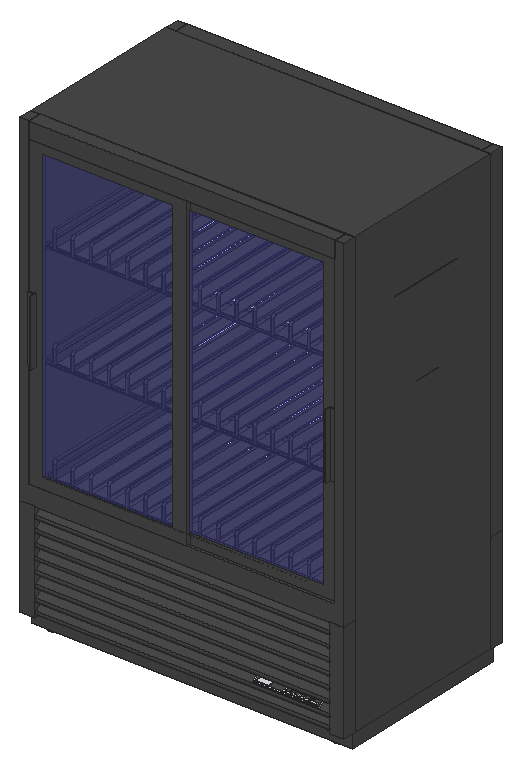
Revit family "QF_TRUE_GDM-33CPT-54-HC-LD", category Specialty Equipment, Revit 2016 (continued)
Definition of nested family "GDM-33CPT-54-HC-LD"
  Forms (in)
    Sweep 78, solid, material <- "Materials and Finishes"
      path origin (15.82399, 0.875, 27.17288) x (0, 1, 0) y (0, 0, 1)
        loop
          arc (-22.85067, 16.24933) -> (-22.77745, 16.4261) -> (-22.60067, 16.49933) r 0.25
          line (-22.60067, 16.49933) -> (-3.21183, 16.49933)
          arc (-3.21183, 16.49933) -> (-3.03505, 16.4261) -> (-2.96183, 16.24933) r 0.25
          line (-2.96183, 16.24933) -> (-2.96183, 14.3535)
      profile origin (15.82399, -21.97567, 42.4743) x (0, -1, 0) y (1, 0, 0)
        loop
          circle (0, 0) r 0.125
    Sweep 79, solid, material <- "Materials and Finishes"
      path origin (13.60524, 0.875, 27.17288) x (0, 1, 0) y (0, 0, 1)
        loop
          line (-22.85067, 14.3535) -> (-22.85067, 16.24933)
          arc (-22.85067, 16.24933) -> (-22.77745, 16.4261) -> (-22.60067, 16.49933) r 0.25
          line (-22.60067, 16.49933) -> (-3.21183, 16.49933)
          arc (-3.21183, 16.49933) -> (-3.03505, 16.4261) -> (-2.96183, 16.24933) r 0.25
          line (-2.96183, 16.24933) -> (-2.96183, 14.3535)
      profile origin (13.60524, -21.97567, 42.4743) x (0, -1, 0) y (1, 0, 0)
        loop
          circle (0, 0) r 0.125
    Sweep 80, solid, material <- "Materials and Finishes"
      path origin (11.38649, 0.875, 27.17288) x (0, 1, 0) y (0, 0, 1)
        loop
          line (-22.85067, 14.3535) -> (-22.85067, 16.24933)
          arc (-22.85067, 16.24933) -> (-22.77745, 16.4261) -> (-22.60067, 16.49933) r 0.25
          line (-22.60067, 16.49933) -> (-3.21183, 16.49933)
          arc (-3.21183, 16.49933) -> (-3.03505, 16.4261) -> (-2.96183, 16.24933) r 0.25
          line (-2.96183, 16.24933) -> (-2.96183, 14.3535)
      profile origin (11.38649, -21.97567, 42.4743) x (0, -1, 0) y (1, 0, 0)
        loop
          circle (0, 0) r 0.125
    Sweep 81, solid, material <- "Materials and Finishes"
      path origin (9.16774, 0.875, 27.17288) x (0, 1, 0) y (0, 0, 1)
        loop
          line (-22.85067, 14.3535) -> (-22.85067, 16.24933)
          arc (-22.85067, 16.24933) -> (-22.77745, 16.4261) -> (-22.60067, 16.49933) r 0.25
          line (-22.60067, 16.49933) -> (-3.21183, 16.49933)
          arc (-3.21183, 16.49933) -> (-3.03505, 16.4261) -> (-2.96183, 16.24933) r 0.25
          line (-2.96183, 16.24933) -> (-2.96183, 14.3535)
      profile origin (9.16774, -21.97567, 42.4743) x (0, -1, 0) y (1, 0, 0)
        loop
          circle (0, 0) r 0.125
    Sweep 82, solid, material <- "Materials and Finishes"
      path origin (6.94899, 0.875, 27.17288) x (0, 1, 0) y (0, 0, 1)
        loop
          line (-22.85067, 14.3535) -> (-22.85067, 16.24933)
          arc (-22.85067, 16.24933) -> (-22.77745, 16.4261) -> (-22.60067, 16.49933) r 0.25
          line (-22.60067, 16.49933) -> (-3.21183, 16.49933)
          arc (-3.21183, 16.49933) -> (-3.03505, 16.4261) -> (-2.96183, 16.24933) r 0.25
          line (-2.96183, 16.24933) -> (-2.96183, 14.3535)
      profile origin (6.94899, -21.97567, 42.4743) x (0, -1, 0) y (1, 0, 0)
        loop
          circle (0, 0) r 0.125
    Sweep 83, solid, material <- "Materials and Finishes"
      path origin (4.73024, 0.875, 27.17288) x (0, 1, 0) y (0, 0, 1)
        loop
          line (-22.85067, 14.3535) -> (-22.85067, 16.24933)
          arc (-22.85067, 16.24933) -> (-22.77745, 16.4261) -> (-22.60067, 16.49933) r 0.25
          line (-22.60067, 16.49933) -> (-3.21183, 16.49933)
          arc (-3.21183, 16.49933) -> (-3.03505, 16.4261) -> (-2.96183, 16.24933) r 0.25
          line (-2.96183, 16.24933) -> (-2.96183, 14.3535)
      profile origin (4.73024, -21.97567, 42.4743) x (0, -1, 0) y (1, 0, 0)
        loop
          circle (0, 0) r 0.125
    Sweep 84, solid, material <- "Materials and Finishes"
      path origin (2.51149, 0.875, 27.17288) x (0, 1, 0) y (0, 0, 1)
        loop
          line (-22.85067, 14.3535) -> (-22.85067, 16.24933)
          arc (-22.85067, 16.24933) -> (-22.77745, 16.4261) -> (-22.60067, 16.49933) r 0.25
          line (-22.60067, 16.49933) -> (-3.21183, 16.49933)
          arc (-3.21183, 16.49933) -> (-3.03505, 16.4261) -> (-2.96183, 16.24933) r 0.25
          line (-2.96183, 16.24933) -> (-2.96183, 14.3535)
      profile origin (2.51149, -21.97567, 42.4743) x (0, -1, 0) y (1, 0, 0)
        loop
          circle (0, 0) r 0.125
  Lines and regions (in)
    symbolic lines
      curve 1: line (0, 0, 0) -> (39.5, 0, 0)
      curve 2: line (0, -24.0625, 0) -> (0, 0, 0)
      curve 3: line (39.5, -24.0625, 0) -> (0, -24.0625, 0)
      curve 4: line (39.5, 0, 0) -> (39.5, -24.0625, 0)
      curve 5: line (1.08719, -24.1875, 0) -> (1.08719, -24.0625, 0)
      curve 6: line (1.08719, -24.1875, 0) -> (1.83719, -24.1875, 0)
      curve 7: line (1.83719, -24.1875, 0) -> (1.83719, -24.875, 0)
      curve 8: line (1.83719, -24.875, 0) -> (1.96219, -24.875, 0)
      curve 9: line (1.96219, -24.875, 0) -> (1.96219, -24.0625, 0)
      curve 10: line (37.66281, -24.50681, 0) -> (37.53781, -24.50681, 0)
      curve 11: line (37.53781, -24.50681, 0) -> (37.53781, -24.0625, 0)
      curve 12: line (37.66281, -24.50681, 0) -> (37.66281, -24.0625, 0)
      curve 13: line (37.53781, 0.8125, 0) -> (37.53781, 0, 0)
      curve 14: line (37.53781, 0.8125, 0) -> (37.66281, 0.8125, 0)
      curve 15: line (37.66281, 0.8125, 0) -> (37.66281, 0.125, 0)
      curve 16: line (37.66281, 0.125, 0) -> (38.41281, 0.125, 0)
      curve 17: line (38.41281, 0.125, 0) -> (38.41281, 0, 0)
      curve 18: line (1.83719, 0.44431, 0) -> (1.83719, 0, 0)
      curve 19: line (1.83719, 0.44431, 0) -> (1.96219, 0.44431, 0)
      curve 20: line (1.96219, 0.44431, 0) -> (1.96219, 0, 0)
  Dimensions and locks (in)
    equal spacing: plane 3 "LEFT", plane 7 "Center Y", plane 4 "RIGHT"
    "Length": plane 3 "LEFT" to plane 4 "RIGHT"
    equal spacing: plane 5 "FRONT", plane 8 "Center X", plane 1 "BACK"
    "Depth": plane 5 "FRONT" to plane 1 "BACK"
    "Height": plane 6 "TOP" to level
    plane 5 "FRONT" to plane 1 "BACK" = 24 1/16"
    plane 4 "RIGHT" to plane 3 "LEFT" = 39 1/2"
    plane 9 to plane 2 = 5/16"
    aligned and locked: plane 2 to level
  Automatic sketch dimensions
    curve 3 to plane 3 "LEFT" = 0"
    plane 5 "FRONT" to curve 5 = 0"
    plane 1 "BACK" to curve 18 = 0"
    plane 11 to curve 8 = 0"
    plane 10 to curve 14 = 0"
    curve 3 to plane 4 "RIGHT" = 0"
    plane 5 "FRONT" to curve 6 = 1/8"
    plane 3 "LEFT" to curve 6 = 1.08719"
    plane 10 to curve 19 = 0.36819"
    plane 3 "LEFT" to curve 19 = 1.83719"
    curve 5 to curve 8 = 3/4"
    curve 7 to curve 8 = 1/8"
    curve 18 to curve 19 = 1/8"
    curve 10 to plane 11 = 0.36819"
    plane 4 "RIGHT" to curve 10 = 1.96219"
    plane 4 "RIGHT" to curve 14 = 1.96219"
    curve 13 to curve 14 = 1/8"
    curve 10 to curve 12 = 1/8"
    curve 16 to plane 1 "BACK" = 1/8"
    curve 15 to curve 16 = 3/4"
    Extrusion 1 sketch curve to plane 3 "LEFT" = 0"
    plane 4 "RIGHT" to Extrusion 1 sketch curve = 0"
    Extrusion 1 sketch curve to plane 6 "TOP" = 0"
    plane 3 "LEFT" to Extrusion 1 sketch curve = 1.08719"
    plane 4 "RIGHT" to Extrusion 1 sketch curve = 1.08719"
    Extrusion 1 sketch curve to plane 6 "TOP" = 2"
    plane 9 to Extrusion 1 sketch curve = 1.59931"
    Extrusion 2 sketch curve to plane 9 = 0"
    plane 4 "RIGHT" to Extrusion 2 sketch curve = 0"
    plane 3 "LEFT" to Extrusion 2 sketch curve = 0.39673"
    plane 9 to Extrusion 2 sketch curve = 1.59931"
    Extrusion 3 sketch curve to plane 3 "LEFT" = 0"
    plane 4 "RIGHT" to Extrusion 3 sketch curve = 0"
    plane 3 "LEFT" to Extrusion 3 sketch curve = 1.73646"
    Extrusion 3 sketch curve to Extrusion 3 sketch curve = 1.73646"
    plane 9 to Extrusion 3 sketch curve = 1.59931"  (x2)
    Revolve 5 sketch curve to plane 9 = 0"  (x2)
    Revolve 5 sketch curve to level = 0"
    plane 3 "LEFT" to Revolve 5 sketch curve = 1.38444"
    Revolve 5 sketch curve to Revolve 5 sketch curve = 0.94219"
    Revolve 5 sketch curve to Revolve 5 sketch curve = 0"
    plane 9 to Revolve 5 sketch curve = 1/2"
    plane 4 "RIGHT" to Extrusion 6 sketch curve = 0"
    Extrusion 6 sketch curve to plane 6 "TOP" = 0"  (x2)
    Extrusion 6 sketch curve to plane 3 "LEFT" = 0"
    plane 4 "RIGHT" to Extrusion 6 sketch curve = 1.08719"
    Extrusion 6 sketch curve to Extrusion 6 sketch curve = 1.08719"
    plane 7 "Center Y" to Extrusion 7 sketch curve = 5/8"
    Extrusion 7 sketch curve to plane 7 "Center Y" = 1 1/8"
    plane 3 "LEFT" to Extrusion 7 sketch curve = 2.71064"
    plane 3 "LEFT" to Extrusion 7 sketch curve = 1.08719"
    Extrusion 7 sketch curve to plane 6 "TOP" = 2"
    Extrusion 7 sketch curve to Extrusion 7 sketch curve = 1 1/8"
    Revolve 8 sketch curve to plane 9 = 0"  (x2)
    Revolve 8 sketch curve to level = 0"
    plane 4 "RIGHT" to Revolve 8 sketch curve = 1.38444"
    Revolve 8 sketch curve to Revolve 8 sketch curve = 0.94219"
    Revolve 8 sketch curve to Revolve 8 sketch curve = 0"
    plane 9 to Revolve 8 sketch curve = 1/2"
    plane 4 "RIGHT" to Extrusion 9 sketch curve = 1.08719"
    Extrusion 9 sketch curve to Extrusion 9 sketch curve = 1.62345"
    plane 7 "Center Y" to Extrusion 9 sketch curve = 5/8"
    Extrusion 9 sketch curve to plane 7 "Center Y" = 1 1/8"
    Extrusion 9 sketch curve to plane 6 "TOP" = 3 1/8"
    Extrusion 9 sketch curve to Extrusion 9 sketch curve = 1 1/8"
    Extrusion 10 sketch curve to Extrusion 6 = 0"  (x3)
    Extrusion 10 sketch curve to Extrusion 6 = 2"
    plane 3 "LEFT" to Extrusion 11 sketch curve = 1.83719"
    Extrusion 11 sketch curve to Extrusion 11 sketch curve = 3/4"
    Extrusion 12 sketch curve to Extrusion 11 = 0"  (x2)
    Extrusion 11 to Extrusion 12 sketch curve = 0"
    Extrusion 11 to Extrusion 12 sketch curve = 0.16161"
    Extrusion 11 to Extrusion 12 sketch curve = 41/256"
    Extrusion 12 sketch curve to Extrusion 11 = 0.52589"
    plane 4 "RIGHT" to Extrusion 13 sketch curve = 1.83719"
    Extrusion 13 sketch curve to Extrusion 13 sketch curve = 3/4"
    Extrusion 14 sketch curve to Extrusion 13 = 0"  (x3)
    Extrusion 13 to Extrusion 14 sketch curve = 0.16161"
    Extrusion 13 to Extrusion 14 sketch curve = 41/256"
    Extrusion 14 sketch curve to Extrusion 13 = 0.52589"
    Extrusion 15 sketch curve to plane 3 "LEFT" = 0"
    plane 4 "RIGHT" to Extrusion 15 sketch curve = 0"
    plane 3 "LEFT" to Extrusion 15 sketch curve = 1.73646"
    Extrusion 15 sketch curve to Extrusion 15 sketch curve = 1.73646"
    plane 9 to Extrusion 15 sketch curve = 1.59931"  (x2)
    Revolve 16 sketch curve to plane 9 = 0"  (x2)
    Revolve 16 sketch curve to level = 0"
    plane 3 "LEFT" to Revolve 16 sketch curve = 1.38444"
    Revolve 16 sketch curve to Revolve 16 sketch curve = 0.94219"
    Revolve 16 sketch curve to Revolve 16 sketch curve = 0"
    plane 9 to Revolve 16 sketch curve = 1/2"
    Revolve 17 sketch curve to plane 9 = 0"  (x2)
    Revolve 17 sketch curve to level = 0"
    plane 4 "RIGHT" to Revolve 17 sketch curve = 1.38444"
    Revolve 17 sketch curve to Revolve 17 sketch curve = 0.94219"
    Revolve 17 sketch curve to Revolve 17 sketch curve = 0"
    plane 9 to Revolve 17 sketch curve = 1/2"
    plane 4 "RIGHT" to Extrusion 18 sketch curve = 0"
    Extrusion 18 sketch curve to plane 6 "TOP" = 0"  (x2)
    Extrusion 18 sketch curve to plane 3 "LEFT" = 0"
    plane 4 "RIGHT" to Extrusion 18 sketch curve = 1.08719"
    Extrusion 18 sketch curve to Extrusion 18 sketch curve = 1.08719"
    Extrusion 19 sketch curve to Extrusion 18 = 0"  (x3)
    Extrusion 19 sketch curve to Extrusion 18 = 2"
    plane 7 "Center Y" to Extrusion 20 sketch curve = 5/8"
    Extrusion 20 sketch curve to plane 7 "Center Y" = 1 1/8"
    plane 3 "LEFT" to Extrusion 20 sketch curve = 2.71064"
    plane 3 "LEFT" to Extrusion 20 sketch curve = 1.08719"
    Extrusion 20 sketch curve to plane 6 "TOP" = 2"
    Extrusion 20 sketch curve to Extrusion 20 sketch curve = 1 1/8"
    plane 4 "RIGHT" to Extrusion 21 sketch curve = 1.08719"
    Extrusion 21 sketch curve to Extrusion 21 sketch curve = 1.62345"
    plane 7 "Center Y" to Extrusion 21 sketch curve = 5/8"
    Extrusion 21 sketch curve to plane 7 "Center Y" = 1 1/8"
    Extrusion 21 sketch curve to plane 6 "TOP" = 3 1/8"
    Extrusion 21 sketch curve to Extrusion 21 sketch curve = 1 1/8"
    plane 4 "RIGHT" to Extrusion 22 sketch curve = 1.83719"
    Extrusion 22 sketch curve to Extrusion 22 sketch curve = 3/4"
    Extrusion 23 sketch curve to plane 1 "BACK" = 0"
    Extrusion 23 sketch curve to plane 10 = 0"
    Extrusion 23 sketch curve to Extrusion 23 sketch curve = 0.16161"
    plane 10 to Extrusion 23 sketch curve = 41/256"
    plane 3 "LEFT" to Extrusion 24 sketch curve = 1.83719"
    Extrusion 24 sketch curve to Extrusion 24 sketch curve = 3/4"
    Extrusion 25 sketch curve to Extrusion 24 = 0"  (x3)
    Extrusion 24 to Extrusion 25 sketch curve = 0.16161"
    Extrusion 24 to Extrusion 25 sketch curve = 41/256"
    Extrusion 25 sketch curve to Extrusion 24 = 0.52589"
    Extrusion 7 to Extrusion 26 sketch curve = 0"
    Extrusion 26 sketch curve to Extrusion 7 = 0"  (x3)
    Extrusion 9 to Extrusion 27 sketch curve = 0"
    Extrusion 27 sketch curve to Extrusion 9 = 0"  (x3)
    Extrusion 28 sketch curve to Extrusion 21 = 0"  (x3)
    Extrusion 21 to Extrusion 28 sketch curve = 0"
    Extrusion 29 sketch curve to Extrusion 20 = 0"  (x3)
    Extrusion 20 to Extrusion 29 sketch curve = 0"
    plane 3 "LEFT" to Extrusion 30 sketch curve = 3.55234"
    plane 1 "BACK" to Extrusion 30 sketch curve = 3.6158"
    plane 3 "LEFT" to Sweep 31 sketch curve = 1 7/32"
    Sweep 31 sketch curve to Sweep 31 sketch curve = 0.4372"  (x3)
    plane 4 "RIGHT" to Sweep 31 sketch curve = 1.65595"  (x2)
    Sweep 31 sketch curve to plane 5 "FRONT" = 2.08426"
    plane 1 "BACK" to Sweep 31 sketch curve = 2.52146"
    Sweep 31 sketch curve to profile plane = 0"  (x2)
    Sweep 32 sketch curve to plane 5 "FRONT" = 2.08683"
    Sweep 32 sketch curve to Sweep 32 sketch curve = 1/4"  (x2)
    plane 1 "BACK" to Sweep 32 sketch curve = 2.33683"
    Sweep 32 sketch curve to profile plane = 0"  (x2)
    plane 3 "LEFT" to Extrusion 33 sketch curve = 2.83566"
    Extrusion 33 sketch curve to Extrusion 33 sketch curve = 1 1/2"  (x15)
    Extrusion 33 sketch curve to Extrusion 33 sketch curve = 23/32"  (x15)
    plane 7 "Center Y" to Extrusion 33 sketch curve = 0.11691"
    Extrusion 33 sketch curve to Extrusion 33 sketch curve = 1/8"  (x16)
    Sweep 34 sketch curve to plane 5 "FRONT" = 2.08683"
    Sweep 34 sketch curve to Sweep 34 sketch curve = 1/4"  (x2)
    plane 1 "BACK" to Sweep 34 sketch curve = 2.33683"
    Sweep 34 sketch curve to profile plane = 0"  (x2)
    Sweep 35 sketch curve to plane 5 "FRONT" = 2.08683"
    Sweep 35 sketch curve to Sweep 35 sketch curve = 1/4"  (x2)
    plane 1 "BACK" to Sweep 35 sketch curve = 2.33683"
    Sweep 35 sketch curve to profile plane = 0"  (x2)
    Sweep 36 sketch curve to plane 5 "FRONT" = 2.08683"
    Sweep 36 sketch curve to Sweep 36 sketch curve = 1/4"  (x2)
    plane 1 "BACK" to Sweep 36 sketch curve = 2.33683"
    Sweep 36 sketch curve to profile plane = 0"  (x2)
    Sweep 37 sketch curve to plane 5 "FRONT" = 2.08683"
    Sweep 37 sketch curve to Sweep 37 sketch curve = 1/4"  (x2)
    plane 1 "BACK" to Sweep 37 sketch curve = 2.33683"
    Sweep 37 sketch curve to profile plane = 0"  (x2)
    Sweep 38 sketch curve to plane 5 "FRONT" = 2.08683"
    Sweep 38 sketch curve to Sweep 38 sketch curve = 1/4"  (x2)
    plane 1 "BACK" to Sweep 38 sketch curve = 2.33683"
    Sweep 38 sketch curve to profile plane = 0"  (x2)
    Sweep 39 sketch curve to plane 5 "FRONT" = 2.08683"
    Sweep 39 sketch curve to Sweep 39 sketch curve = 1/4"  (x2)
    plane 1 "BACK" to Sweep 39 sketch curve = 2.33683"
    Sweep 39 sketch curve to profile plane = 0"  (x2)
    Sweep 40 sketch curve to plane 5 "FRONT" = 2.08683"
    Sweep 40 sketch curve to Sweep 40 sketch curve = 1/4"  (x2)
    plane 1 "BACK" to Sweep 40 sketch curve = 2.33683"
    Sweep 40 sketch curve to profile plane = 0"  (x2)
    Sweep 41 sketch curve to plane 5 "FRONT" = 2.08683"
    Sweep 41 sketch curve to Sweep 41 sketch curve = 1/4"  (x2)
    plane 1 "BACK" to Sweep 41 sketch curve = 2.33683"
    Sweep 41 sketch curve to profile plane = 0"  (x2)
    Sweep 42 sketch curve to plane 5 "FRONT" = 2.08683"
    Sweep 42 sketch curve to Sweep 42 sketch curve = 1/4"  (x2)
    plane 1 "BACK" to Sweep 42 sketch curve = 2.33683"
    Sweep 42 sketch curve to profile plane = 0"  (x2)
    Sweep 43 sketch curve to plane 5 "FRONT" = 2.08683"
    Sweep 43 sketch curve to Sweep 43 sketch curve = 1/4"  (x2)
    plane 1 "BACK" to Sweep 43 sketch curve = 2.33683"
    Sweep 43 sketch curve to profile plane = 0"  (x2)
    Sweep 44 sketch curve to plane 5 "FRONT" = 2.08683"
    Sweep 44 sketch curve to Sweep 44 sketch curve = 1/4"  (x2)
    plane 1 "BACK" to Sweep 44 sketch curve = 2.33683"
    Sweep 44 sketch curve to profile plane = 0"  (x2)
    Sweep 45 sketch curve to plane 5 "FRONT" = 2.08683"
    Sweep 45 sketch curve to Sweep 45 sketch curve = 1/4"  (x2)
    plane 1 "BACK" to Sweep 45 sketch curve = 2.33683"
    Sweep 45 sketch curve to profile plane = 0"  (x2)
    Sweep 46 sketch curve to plane 5 "FRONT" = 2.08683"
    Sweep 46 sketch curve to Sweep 46 sketch curve = 1/4"  (x2)
    plane 1 "BACK" to Sweep 46 sketch curve = 2.33683"
    Sweep 46 sketch curve to profile plane = 0"  (x2)
    Sweep 47 sketch curve to plane 5 "FRONT" = 2.08683"
    Sweep 47 sketch curve to Sweep 47 sketch curve = 1/4"  (x2)
    plane 1 "BACK" to Sweep 47 sketch curve = 2.33683"
    Sweep 47 sketch curve to profile plane = 0"  (x2)
    Sweep 48 sketch curve to plane 5 "FRONT" = 2.08683"
    Sweep 48 sketch curve to Sweep 48 sketch curve = 1/4"  (x2)
    plane 1 "BACK" to Sweep 48 sketch curve = 2.33683"
    Sweep 48 sketch curve to profile plane = 0"  (x2)
    plane 3 "LEFT" to Sweep 49 sketch curve = 1 7/32"
    Sweep 49 sketch curve to Sweep 49 sketch curve = 0.4372"  (x3)
    plane 4 "RIGHT" to Sweep 49 sketch curve = 1.65595"  (x2)
    Sweep 49 sketch curve to plane 5 "FRONT" = 2.08426"
    plane 1 "BACK" to Sweep 49 sketch curve = 2.52146"
    Sweep 49 sketch curve to profile plane = 0"  (x2)
    Sweep 50 sketch curve to plane 5 "FRONT" = 2.08683"
    Sweep 50 sketch curve to Sweep 50 sketch curve = 1/4"  (x2)
    plane 1 "BACK" to Sweep 50 sketch curve = 2.33683"
    Sweep 50 sketch curve to profile plane = 0"  (x2)
    plane 3 "LEFT" to Extrusion 51 sketch curve = 2.83566"
    Extrusion 51 sketch curve to Extrusion 51 sketch curve = 1 1/2"  (x15)
    Extrusion 51 sketch curve to Extrusion 51 sketch curve = 23/32"  (x15)
    plane 7 "Center Y" to Extrusion 51 sketch curve = 0.11691"
    Extrusion 51 sketch curve to Extrusion 51 sketch curve = 1/8"  (x16)
    Sweep 52 sketch curve to plane 5 "FRONT" = 2.08683"
    Sweep 52 sketch curve to Sweep 52 sketch curve = 1/4"  (x2)
    plane 1 "BACK" to Sweep 52 sketch curve = 2.33683"
    Sweep 52 sketch curve to profile plane = 0"  (x2)
    Sweep 53 sketch curve to plane 5 "FRONT" = 2.08683"
    Sweep 53 sketch curve to Sweep 53 sketch curve = 1/4"  (x2)
    plane 1 "BACK" to Sweep 53 sketch curve = 2.33683"
    Sweep 53 sketch curve to profile plane = 0"  (x2)
    Sweep 54 sketch curve to plane 5 "FRONT" = 2.08683"
    Sweep 54 sketch curve to Sweep 54 sketch curve = 1/4"  (x2)
    plane 1 "BACK" to Sweep 54 sketch curve = 2.33683"
    Sweep 54 sketch curve to profile plane = 0"  (x2)
    Sweep 55 sketch curve to plane 5 "FRONT" = 2.08683"
    Sweep 55 sketch curve to Sweep 55 sketch curve = 1/4"  (x2)
    plane 1 "BACK" to Sweep 55 sketch curve = 2.33683"
    Sweep 55 sketch curve to profile plane = 0"  (x2)
    Sweep 56 sketch curve to plane 5 "FRONT" = 2.08683"
    Sweep 56 sketch curve to Sweep 56 sketch curve = 1/4"  (x2)
    plane 1 "BACK" to Sweep 56 sketch curve = 2.33683"
    Sweep 56 sketch curve to profile plane = 0"  (x2)
    Sweep 57 sketch curve to plane 5 "FRONT" = 2.08683"
    Sweep 57 sketch curve to Sweep 57 sketch curve = 1/4"  (x2)
    plane 1 "BACK" to Sweep 57 sketch curve = 2.33683"
    Sweep 57 sketch curve to profile plane = 0"  (x2)
    Sweep 58 sketch curve to plane 5 "FRONT" = 2.08683"
    Sweep 58 sketch curve to Sweep 58 sketch curve = 1/4"  (x2)
    plane 1 "BACK" to Sweep 58 sketch curve = 2.33683"
    Sweep 58 sketch curve to profile plane = 0"  (x2)
    Sweep 59 sketch curve to plane 5 "FRONT" = 2.08683"
    Sweep 59 sketch curve to Sweep 59 sketch curve = 1/4"  (x2)
    plane 1 "BACK" to Sweep 59 sketch curve = 2.33683"
    Sweep 59 sketch curve to profile plane = 0"  (x2)
    Sweep 60 sketch curve to plane 5 "FRONT" = 2.08683"
    Sweep 60 sketch curve to Sweep 60 sketch curve = 1/4"  (x2)
    plane 1 "BACK" to Sweep 60 sketch curve = 2.33683"
    Sweep 60 sketch curve to profile plane = 0"  (x2)
    Sweep 61 sketch curve to plane 5 "FRONT" = 2.08683"
    Sweep 61 sketch curve to Sweep 61 sketch curve = 1/4"  (x2)
    plane 1 "BACK" to Sweep 61 sketch curve = 2.33683"
    Sweep 61 sketch curve to profile plane = 0"  (x2)
    Sweep 62 sketch curve to plane 5 "FRONT" = 2.08683"
    Sweep 62 sketch curve to Sweep 62 sketch curve = 1/4"  (x2)
    plane 1 "BACK" to Sweep 62 sketch curve = 2.33683"
    Sweep 62 sketch curve to profile plane = 0"  (x2)
    Sweep 63 sketch curve to plane 5 "FRONT" = 2.08683"
    Sweep 63 sketch curve to Sweep 63 sketch curve = 1/4"  (x2)
    plane 1 "BACK" to Sweep 63 sketch curve = 2.33683"
    Sweep 63 sketch curve to profile plane = 0"  (x2)
    Sweep 64 sketch curve to plane 5 "FRONT" = 2.08683"
    Sweep 64 sketch curve to Sweep 64 sketch curve = 1/4"  (x2)
    plane 1 "BACK" to Sweep 64 sketch curve = 2.33683"
    Sweep 64 sketch curve to profile plane = 0"  (x2)
    Sweep 65 sketch curve to plane 5 "FRONT" = 2.08683"
    Sweep 65 sketch curve to Sweep 65 sketch curve = 1/4"  (x2)
    plane 1 "BACK" to Sweep 65 sketch curve = 2.33683"
    Sweep 65 sketch curve to profile plane = 0"  (x2)
    Sweep 66 sketch curve to plane 5 "FRONT" = 2.08683"
    Sweep 66 sketch curve to Sweep 66 sketch curve = 1/4"  (x2)
    plane 1 "BACK" to Sweep 66 sketch curve = 2.33683"
    Sweep 66 sketch curve to profile plane = 0"  (x2)
    plane 3 "LEFT" to Sweep 67 sketch curve = 1 7/32"
    Sweep 67 sketch curve to Sweep 67 sketch curve = 0.4372"  (x3)
    plane 4 "RIGHT" to Sweep 67 sketch curve = 1.65595"  (x2)
    Sweep 67 sketch curve to plane 5 "FRONT" = 2.08426"
    plane 1 "BACK" to Sweep 67 sketch curve = 2.52146"
    Sweep 67 sketch curve to profile plane = 0"  (x2)
    Sweep 68 sketch curve to plane 5 "FRONT" = 2.08683"
    Sweep 68 sketch curve to Sweep 68 sketch curve = 1/4"  (x2)
    plane 1 "BACK" to Sweep 68 sketch curve = 2.33683"
    Sweep 68 sketch curve to profile plane = 0"  (x2)
    plane 3 "LEFT" to Extrusion 69 sketch curve = 2.83566"
    Extrusion 69 sketch curve to Extrusion 69 sketch curve = 1 1/2"  (x15)
    Extrusion 69 sketch curve to Extrusion 69 sketch curve = 23/32"  (x15)
    plane 7 "Center Y" to Extrusion 69 sketch curve = 0.11691"
    Extrusion 69 sketch curve to Extrusion 69 sketch curve = 1/8"  (x16)
    Sweep 70 sketch curve to plane 5 "FRONT" = 2.08683"
    Sweep 70 sketch curve to Sweep 70 sketch curve = 1/4"  (x2)
    plane 1 "BACK" to Sweep 70 sketch curve = 2.33683"
    Sweep 70 sketch curve to profile plane = 0"  (x2)
    Sweep 71 sketch curve to plane 5 "FRONT" = 2.08683"
    Sweep 71 sketch curve to Sweep 71 sketch curve = 1/4"  (x2)
    plane 1 "BACK" to Sweep 71 sketch curve = 2.33683"
    Sweep 71 sketch curve to profile plane = 0"  (x2)
    Sweep 72 sketch curve to plane 5 "FRONT" = 2.08683"
    Sweep 72 sketch curve to Sweep 72 sketch curve = 1/4"  (x2)
    plane 1 "BACK" to Sweep 72 sketch curve = 2.33683"
    Sweep 72 sketch curve to profile plane = 0"  (x2)
    Sweep 73 sketch curve to plane 5 "FRONT" = 2.08683"
    Sweep 73 sketch curve to Sweep 73 sketch curve = 1/4"  (x2)
    plane 1 "BACK" to Sweep 73 sketch curve = 2.33683"
    Sweep 73 sketch curve to profile plane = 0"  (x2)
    Sweep 74 sketch curve to plane 5 "FRONT" = 2.08683"
    Sweep 74 sketch curve to Sweep 74 sketch curve = 1/4"  (x2)
    plane 1 "BACK" to Sweep 74 sketch curve = 2.33683"
    Sweep 74 sketch curve to profile plane = 0"  (x2)
    Sweep 75 sketch curve to plane 5 "FRONT" = 2.08683"
    Sweep 75 sketch curve to Sweep 75 sketch curve = 1/4"  (x2)
    plane 1 "BACK" to Sweep 75 sketch curve = 2.33683"
    Sweep 75 sketch curve to profile plane = 0"  (x2)
    Sweep 76 sketch curve to plane 5 "FRONT" = 2.08683"
    Sweep 76 sketch curve to Sweep 76 sketch curve = 1/4"  (x2)
    plane 1 "BACK" to Sweep 76 sketch curve = 2.33683"
    Sweep 76 sketch curve to profile plane = 0"  (x2)
    Sweep 77 sketch curve to plane 5 "FRONT" = 2.08683"
    Sweep 77 sketch curve to Sweep 77 sketch curve = 1/4"  (x2)
    plane 1 "BACK" to Sweep 77 sketch curve = 2.33683"
    Sweep 77 sketch curve to profile plane = 0"  (x2)
    Sweep 78 sketch curve to plane 5 "FRONT" = 2.08683"
    Sweep 78 sketch curve to Sweep 78 sketch curve = 1/4"  (x2)
    plane 1 "BACK" to Sweep 78 sketch curve = 2.33683"
    Sweep 78 sketch curve to profile plane = 0"  (x2)
    Sweep 79 sketch curve to plane 5 "FRONT" = 2.08683"
    Sweep 79 sketch curve to Sweep 79 sketch curve = 1/4"  (x2)
    plane 1 "BACK" to Sweep 79 sketch curve = 2.33683"
    Sweep 79 sketch curve to profile plane = 0"  (x2)
    Sweep 80 sketch curve to plane 5 "FRONT" = 2.08683"
    Sweep 80 sketch curve to Sweep 80 sketch curve = 1/4"  (x2)
    plane 1 "BACK" to Sweep 80 sketch curve = 2.33683"
    Sweep 80 sketch curve to profile plane = 0"  (x2)
    Sweep 81 sketch curve to plane 5 "FRONT" = 2.08683"
    Sweep 81 sketch curve to Sweep 81 sketch curve = 1/4"  (x2)
    plane 1 "BACK" to Sweep 81 sketch curve = 2.33683"
    Sweep 81 sketch curve to profile plane = 0"  (x2)
    Sweep 82 sketch curve to plane 5 "FRONT" = 2.08683"
    Sweep 82 sketch curve to Sweep 82 sketch curve = 1/4"  (x2)
    plane 1 "BACK" to Sweep 82 sketch curve = 2.33683"
    Sweep 82 sketch curve to profile plane = 0"  (x2)
    Sweep 83 sketch curve to plane 5 "FRONT" = 2.08683"
    Sweep 83 sketch curve to Sweep 83 sketch curve = 1/4"  (x2)
    plane 1 "BACK" to Sweep 83 sketch curve = 2.33683"
    Sweep 83 sketch curve to profile plane = 0"  (x2)
    Sweep 84 sketch curve to plane 5 "FRONT" = 2.08683"
    Sweep 84 sketch curve to Sweep 84 sketch curve = 1/4"  (x2)
    plane 1 "BACK" to Sweep 84 sketch curve = 2.33683"
    Sweep 84 sketch curve to profile plane = 0"  (x2)
    Extrusion 1 sketch curve to Extrusion 1 sketch curve = 11.08119"
    Extrusion 3 sketch curve to Extrusion 3 sketch curve = 12.20391"  (x2)
    plane 9 to Extrusion 6 sketch curve = 16.02424"
    Extrusion 6 sketch curve to Extrusion 6 sketch curve = 2.22103"
    plane 9 to Extrusion 7 sketch curve = 17.30549"
    Extrusion 7 sketch curve to Extrusion 7 sketch curve = 1 9/32"
    plane 9 to Extrusion 9 sketch curve = 17.30549"
    Extrusion 9 sketch curve to Extrusion 9 sketch curve = 1 9/32"
    Extrusion 11 sketch curve to plane 6 "TOP" = 18.63623"
    Extrusion 11 sketch curve to Extrusion 11 sketch curve = 8"
    Extrusion 13 sketch curve to plane 6 "TOP" = 26.63623"
    Extrusion 13 sketch curve to Extrusion 13 sketch curve = 8"
    Extrusion 15 sketch curve to Extrusion 15 sketch curve = 12.20391"  (x2)
    plane 9 to Extrusion 18 sketch curve = 16.02424"
    Extrusion 18 sketch curve to Extrusion 18 sketch curve = 2.22103"
    plane 9 to Extrusion 20 sketch curve = 17.30549"
    Extrusion 20 sketch curve to Extrusion 20 sketch curve = 1 9/32"
    plane 9 to Extrusion 21 sketch curve = 17.30549"
    Extrusion 21 sketch curve to Extrusion 21 sketch curve = 1 9/32"
    Extrusion 22 sketch curve to plane 6 "TOP" = 18.63623"
    Extrusion 22 sketch curve to Extrusion 22 sketch curve = 8"
    Extrusion 23 sketch curve to plane 6 "TOP" = 18.63623"
    Extrusion 23 sketch curve to Extrusion 23 sketch curve = 7.67824"
    Extrusion 24 sketch curve to plane 6 "TOP" = 26.63623"
    Extrusion 24 sketch curve to Extrusion 24 sketch curve = 8"
    plane 9 to Sweep 32 sketch curve = 17.81183"
    Sweep 32 sketch curve to Sweep 32 sketch curve = 1.89582"  (x2)
    plane 9 to Extrusion 33 sketch curve = 16.06162"
    Extrusion 33 sketch curve to Extrusion 33 sketch curve = 0"  (x15)
    plane 9 to Sweep 34 sketch curve = 17.81183"
    Sweep 34 sketch curve to Sweep 34 sketch curve = 1.89582"  (x2)
    plane 9 to Sweep 35 sketch curve = 17.81183"
    Sweep 35 sketch curve to Sweep 35 sketch curve = 1.89582"  (x2)
    plane 9 to Sweep 36 sketch curve = 17.81183"
    Sweep 36 sketch curve to Sweep 36 sketch curve = 1.89582"  (x2)
    plane 9 to Sweep 37 sketch curve = 17.81183"
    Sweep 37 sketch curve to Sweep 37 sketch curve = 1.89582"  (x2)
    plane 9 to Sweep 38 sketch curve = 17.81183"
    Sweep 38 sketch curve to Sweep 38 sketch curve = 1.89582"  (x2)
    plane 9 to Sweep 39 sketch curve = 17.81183"
    Sweep 39 sketch curve to Sweep 39 sketch curve = 1.89582"  (x2)
    plane 9 to Sweep 40 sketch curve = 17.81183"
    Sweep 40 sketch curve to Sweep 40 sketch curve = 1.89582"  (x2)
    plane 9 to Sweep 41 sketch curve = 17.81183"
    Sweep 41 sketch curve to Sweep 41 sketch curve = 1.89582"  (x2)
    plane 9 to Sweep 42 sketch curve = 17.81183"
    Sweep 42 sketch curve to Sweep 42 sketch curve = 1.89582"  (x2)
    plane 9 to Sweep 43 sketch curve = 17.81183"
    Sweep 43 sketch curve to Sweep 43 sketch curve = 1.89582"  (x2)
    plane 9 to Sweep 44 sketch curve = 17.81183"
    Sweep 44 sketch curve to Sweep 44 sketch curve = 1.89582"  (x2)
    plane 9 to Sweep 45 sketch curve = 17.81183"
    Sweep 45 sketch curve to Sweep 45 sketch curve = 1.89582"  (x2)
    plane 9 to Sweep 46 sketch curve = 17.81183"
    Sweep 46 sketch curve to Sweep 46 sketch curve = 1.89582"  (x2)
    plane 9 to Sweep 47 sketch curve = 17.81183"
    Sweep 47 sketch curve to Sweep 47 sketch curve = 1.89582"  (x2)
    plane 9 to Sweep 48 sketch curve = 17.81183"
    Sweep 48 sketch curve to Sweep 48 sketch curve = 1.89582"  (x2)
    Sweep 50 sketch curve to plane 6 "TOP" = 25.28923"
    Sweep 50 sketch curve to Sweep 50 sketch curve = 1.89582"  (x2)
    Extrusion 51 sketch curve to plane 6 "TOP" = 27.03944"
    Extrusion 51 sketch curve to Extrusion 51 sketch curve = 0"  (x15)
    Sweep 52 sketch curve to plane 6 "TOP" = 25.28923"
    Sweep 52 sketch curve to Sweep 52 sketch curve = 1.89582"  (x2)
    Sweep 53 sketch curve to plane 6 "TOP" = 25.28923"
    Sweep 53 sketch curve to Sweep 53 sketch curve = 1.89582"  (x2)
    Sweep 54 sketch curve to plane 6 "TOP" = 25.28923"
    Sweep 54 sketch curve to Sweep 54 sketch curve = 1.89582"  (x2)
    Sweep 55 sketch curve to plane 6 "TOP" = 25.28923"
    Sweep 55 sketch curve to Sweep 55 sketch curve = 1.89582"  (x2)
    Sweep 56 sketch curve to plane 6 "TOP" = 25.28923"
    Sweep 56 sketch curve to Sweep 56 sketch curve = 1.89582"  (x2)
    Sweep 57 sketch curve to plane 6 "TOP" = 25.28923"
    Sweep 57 sketch curve to Sweep 57 sketch curve = 1.89582"  (x2)
    Sweep 58 sketch curve to plane 6 "TOP" = 25.28923"
    Sweep 58 sketch curve to Sweep 58 sketch curve = 1.89582"  (x2)
    Sweep 59 sketch curve to plane 6 "TOP" = 25.28923"
    Sweep 59 sketch curve to Sweep 59 sketch curve = 1.89582"  (x2)
    Sweep 60 sketch curve to plane 6 "TOP" = 25.28923"
    Sweep 60 sketch curve to Sweep 60 sketch curve = 1.89582"  (x2)
    Sweep 61 sketch curve to plane 6 "TOP" = 25.28923"
    Sweep 61 sketch curve to Sweep 61 sketch curve = 1.89582"  (x2)
    Sweep 62 sketch curve to plane 6 "TOP" = 25.28923"
    Sweep 62 sketch curve to Sweep 62 sketch curve = 1.89582"  (x2)
    Sweep 63 sketch curve to plane 6 "TOP" = 25.28923"
    Sweep 63 sketch curve to Sweep 63 sketch curve = 1.89582"  (x2)
    Sweep 64 sketch curve to plane 6 "TOP" = 25.28923"
    Sweep 64 sketch curve to Sweep 64 sketch curve = 1.89582"  (x2)
    Sweep 65 sketch curve to plane 6 "TOP" = 25.28923"
    Sweep 65 sketch curve to Sweep 65 sketch curve = 1.89582"  (x2)
    Sweep 66 sketch curve to plane 6 "TOP" = 25.28923"
    Sweep 66 sketch curve to Sweep 66 sketch curve = 1.89582"  (x2)
    Sweep 68 sketch curve to plane 6 "TOP" = 12.64029"
    Sweep 68 sketch curve to Sweep 68 sketch curve = 1.89582"  (x2)
    Extrusion 69 sketch curve to plane 6 "TOP" = 14.3905"
    Extrusion 69 sketch curve to Extrusion 69 sketch curve = 0"  (x15)
    Sweep 70 sketch curve to plane 6 "TOP" = 12.64029"
    Sweep 70 sketch curve to Sweep 70 sketch curve = 1.89582"  (x2)
    Sweep 71 sketch curve to plane 6 "TOP" = 12.64029"
    Sweep 71 sketch curve to Sweep 71 sketch curve = 1.89582"  (x2)
    Sweep 72 sketch curve to plane 6 "TOP" = 12.64029"
    Sweep 72 sketch curve to Sweep 72 sketch curve = 1.89582"  (x2)
    Sweep 73 sketch curve to plane 6 "TOP" = 12.64029"
    Sweep 73 sketch curve to Sweep 73 sketch curve = 1.89582"  (x2)
    Sweep 74 sketch curve to plane 6 "TOP" = 12.64029"
    Sweep 74 sketch curve to Sweep 74 sketch curve = 1.89582"  (x2)
    Sweep 75 sketch curve to plane 6 "TOP" = 12.64029"
    Sweep 75 sketch curve to Sweep 75 sketch curve = 1.89582"  (x2)
    Sweep 76 sketch curve to plane 6 "TOP" = 12.64029"
    Sweep 76 sketch curve to Sweep 76 sketch curve = 1.89582"  (x2)
    Sweep 77 sketch curve to plane 6 "TOP" = 12.64029"
    Sweep 77 sketch curve to Sweep 77 sketch curve = 1.89582"  (x2)
    Sweep 78 sketch curve to plane 6 "TOP" = 12.64029"
    Sweep 78 sketch curve to Sweep 78 sketch curve = 1.89582"  (x2)
    Sweep 79 sketch curve to plane 6 "TOP" = 12.64029"
    Sweep 79 sketch curve to Sweep 79 sketch curve = 1.89582"  (x2)
    Sweep 80 sketch curve to plane 6 "TOP" = 12.64029"
    Sweep 80 sketch curve to Sweep 80 sketch curve = 1.89582"  (x2)
    Sweep 81 sketch curve to plane 6 "TOP" = 12.64029"
    Sweep 81 sketch curve to Sweep 81 sketch curve = 1.89582"  (x2)
    Sweep 82 sketch curve to plane 6 "TOP" = 12.64029"
    Sweep 82 sketch curve to Sweep 82 sketch curve = 1.89582"  (x2)
    Sweep 83 sketch curve to plane 6 "TOP" = 12.64029"
    Sweep 83 sketch curve to Sweep 83 sketch curve = 1.89582"  (x2)
    Sweep 84 sketch curve to plane 6 "TOP" = 12.64029"
    Sweep 84 sketch curve to Sweep 84 sketch curve = 1.89582"  (x2)
    Extrusion 4 sketch curve to Extrusion 3 = 0"  (x8)
    Extrusion 3 to Extrusion 4 sketch curve = 0"  (x2)
    Extrusion 3 to Extrusion 4 sketch curve = 0.60311"  (x2)
    Extrusion 3 to Extrusion 4 sketch curve = 1.02388"  (x2)
    Extrusion 3 to Extrusion 4 sketch curve = 0.10703"
    Extrusion 4 sketch curve to Extrusion 4 sketch curve = 0.20726"  (x32)
    Extrusion 3 to Extrusion 4 sketch curve = 0.38663"
    Extrusion 4 sketch curve to Extrusion 4 sketch curve = 0.89792"  (x4)
    Extrusion 4 sketch curve to Extrusion 4 sketch curve = 0.60311"  (x14)
    Extrusion 4 sketch curve to Extrusion 4 sketch curve = 1.08526"  (x2)
    Extrusion 3 to Extrusion 4 sketch curve = 0.10889"
    Extrusion 3 to Extrusion 4 sketch curve = 0.38848"
    Extrusion 4 sketch curve to Extrusion 4 sketch curve = 0.91385"  (x8)
    Extrusion 3 to Extrusion 4 sketch curve = 0.11212"
    Extrusion 4 sketch curve to Extrusion 4 sketch curve = 1.10026"  (x2)
    Extrusion 3 to Extrusion 4 sketch curve = 0.39172"
    Extrusion 3 to Extrusion 4 sketch curve = 0.11895"
    Extrusion 4 sketch curve to Extrusion 4 sketch curve = 1.09784"  (x2)
    Extrusion 3 to Extrusion 4 sketch curve = 0.39855"
    Extrusion 3 to Extrusion 4 sketch curve = 0.10685"
    Extrusion 4 sketch curve to Extrusion 4 sketch curve = 1.09467"  (x2)
    Extrusion 3 to Extrusion 4 sketch curve = 0.38645"
    Extrusion 3 to Extrusion 4 sketch curve = 0.11935"
    Extrusion 4 sketch curve to Extrusion 4 sketch curve = 1.09401"  (x2)
    Extrusion 3 to Extrusion 4 sketch curve = 0.39895"
    Extrusion 4 sketch curve to Extrusion 4 sketch curve = 1.10812"  (x2)
    Extrusion 3 to Extrusion 4 sketch curve = 0.11093"
    Extrusion 4 sketch curve to Extrusion 4 sketch curve = 0.77292"  (x2)
    Extrusion 3 to Extrusion 4 sketch curve = 0.39053"
    Extrusion 3 to Extrusion 4 sketch curve = 0.11394"
    Extrusion 3 to Extrusion 4 sketch curve = 0.73875"  (x2)
    Extrusion 4 sketch curve to Extrusion 4 sketch curve = 0.1398"  (x9)
    Extrusion 4 sketch curve to Extrusion 4 sketch curve = 20 13/16"
    Extrusion 4 sketch curve to Extrusion 4 sketch curve = 0"  (x7)
    Extrusion 4 sketch curve to Extrusion 4 sketch curve = 1.22605"
    Extrusion 4 sketch curve to Extrusion 4 sketch curve = 1.22645"
    Extrusion 4 sketch curve to Extrusion 4 sketch curve = 1.23146"
    Extrusion 4 sketch curve to Extrusion 4 sketch curve = 1.23328"
    Extrusion 4 sketch curve to Extrusion 4 sketch curve = 1.23447"
    Extrusion 4 sketch curve to Extrusion 4 sketch curve = 1.23652"
    Extrusion 4 sketch curve to Extrusion 4 sketch curve = 1.23837"
    Extrusion 4 sketch curve to Extrusion 4 sketch curve = 1.23855"
    radius of Extrusion 30 sketch curve = 1/2"
    radius of Sweep 31 sketch curve = 1/8"
    radius of Sweep 32 sketch curve = 1/8"
    radius of Sweep 34 sketch curve = 1/8"
    radius of Sweep 35 sketch curve = 1/8"
    radius of Sweep 36 sketch curve = 1/8"
    radius of Sweep 37 sketch curve = 1/8"
    radius of Sweep 38 sketch curve = 1/8"
    radius of Sweep 39 sketch curve = 1/8"
    radius of Sweep 40 sketch curve = 1/8"
    radius of Sweep 41 sketch curve = 1/8"
    radius of Sweep 42 sketch curve = 1/8"
    radius of Sweep 43 sketch curve = 1/8"
    radius of Sweep 44 sketch curve = 1/8"
    radius of Sweep 45 sketch curve = 1/8"
    radius of Sweep 46 sketch curve = 1/8"
    radius of Sweep 47 sketch curve = 1/8"
    radius of Sweep 48 sketch curve = 1/8"
    radius of Sweep 49 sketch curve = 1/8"
    radius of Sweep 50 sketch curve = 1/8"
    radius of Sweep 52 sketch curve = 1/8"
    radius of Sweep 53 sketch curve = 1/8"
    radius of Sweep 54 sketch curve = 1/8"
    radius of Sweep 55 sketch curve = 1/8"
    radius of Sweep 56 sketch curve = 1/8"
    radius of Sweep 57 sketch curve = 1/8"
    radius of Sweep 58 sketch curve = 1/8"
    radius of Sweep 59 sketch curve = 1/8"
    radius of Sweep 60 sketch curve = 1/8"
    radius of Sweep 61 sketch curve = 1/8"
    radius of Sweep 62 sketch curve = 1/8"
    radius of Sweep 63 sketch curve = 1/8"
    radius of Sweep 64 sketch curve = 1/8"
    radius of Sweep 65 sketch curve = 1/8"
    radius of Sweep 66 sketch curve = 1/8"
    radius of Sweep 67 sketch curve = 1/8"
    radius of Sweep 68 sketch curve = 1/8"
    radius of Sweep 70 sketch curve = 1/8"
    radius of Sweep 71 sketch curve = 1/8"
    radius of Sweep 72 sketch curve = 1/8"
    radius of Sweep 73 sketch curve = 1/8"
    radius of Sweep 74 sketch curve = 1/8"
    radius of Sweep 75 sketch curve = 1/8"
    radius of Sweep 76 sketch curve = 1/8"
    radius of Sweep 77 sketch curve = 1/8"
    radius of Sweep 78 sketch curve = 1/8"
    radius of Sweep 79 sketch curve = 1/8"
    radius of Sweep 80 sketch curve = 1/8"
    radius of Sweep 81 sketch curve = 1/8"
    radius of Sweep 82 sketch curve = 1/8"
    radius of Sweep 83 sketch curve = 1/8"
    radius of Sweep 84 sketch curve = 1/8"
  Nested families (in)
    nested 1: "QF_LOGO_TRUE" at (28.25, -23.88284, 4.07092), Show Logo <- "Show Logo", type "QF_LOGO_TRUE", detail levels medium+fine
      with Show Logo yes
  Connectors (in)
    electrical at (3.55234, -3.6158, 2.35011), driven by "Volts", driven by "Watts"
      settings: on Extrusion 30, index 1, voltage 115 V, apparent load 230 VA, apparent load phase1 0 VA, apparent load phase2 0 VA, apparent load phase3 0 VA, power factor 1, load classification none, number of poles 1, system type 30, power factor state 1, is connector primary yes, connector utility no, sub classification motor no, connector description "ELECTRICAL CONNECTION"
  Definition of nested family "QF_LOGO_TRUE"
    Parameters (values of type "QF_LOGO_TRUE")
      Show Logo [instance] = yes
    Reference planes (in)
      plane 1 "Center (Front/Back)": y = 0
      plane 2: z = 0
      plane 3 "Center (Left/Right)": x = 0
    Forms (in)
      Extrusion 1, solid, visible <- "Show Logo"
        sketch origin (-78.34647, -4.42964, -46.04482) x (1, 0, 0) y (0, 0.81135, 0.584561)
          loop
            line (81.15226, 31.65456) -> (81.07353, 31.48573) -> (82.12083, 31.48573)
            arc (82.12083, 31.48573) -> (82.14208, 31.44814) -> (82.12083, 31.41055) r 0.04386
            line (82.12083, 31.41055) -> (81.84767, 30.82478)
            arc (81.84767, 30.82478) -> (81.84531, 30.77052) -> (81.882, 30.73048) r 0.07096
            line (81.882, 30.73048) -> (82.55165, 30.73048)
            arc (82.55165, 30.73048) -> (82.63621, 30.75714) -> (82.69019, 30.82748) r 0.14742
            line (82.69019, 30.82748) -> (82.90515, 31.28847) -> (83.10265, 31.28847)
            arc (83.10265, 31.28847) -> (83.15447, 31.26942) -> (83.14697, 31.21472) r 0.04405
            line (83.14697, 31.21472) -> (82.9671, 30.82899)
            arc (82.9671, 30.82899) -> (82.9699, 30.76493) -> (83.02398, 30.73048) r 0.06943
            line (83.02398, 30.73048) -> (83.6124, 30.73048)
            arc (83.6124, 30.73048) -> (83.65748, 30.74689) -> (83.68147, 30.78844) r 0.07014
            arc (83.68147, 30.78844) -> (83.69845, 30.74745) -> (83.73943, 30.73048) r 0.05796
            line (83.73943, 30.73048) -> (84.112, 30.73048)
            arc (84.112, 30.73048) -> (84.15504, 30.74201) -> (84.18655, 30.77352) r 0.08608
            arc (84.18655, 30.77352) -> (84.20164, 30.7371) -> (84.23806, 30.72202) r 0.0515
            line (84.23806, 30.72202) -> (84.76757, 30.72202)
            arc (84.76757, 30.72202) -> (84.81086, 30.73995) -> (84.8288, 30.78324) r 0.06122
            arc (84.8288, 30.78324) -> (84.86848, 30.74355) -> (84.92269, 30.72903) r 0.10842
            line (84.92269, 30.72903) -> (85.91461, 30.72903) -> (86.02479, 30.91987) -> (85.0243, 30.91987)
            arc (85.0243, 30.91987) -> (84.99669, 30.93902) -> (84.99566, 30.97261) r 0.03732
            line (84.99566, 30.97261) -> (85.01297, 31.00972)
            arc (85.01297, 31.00972) -> (85.03954, 31.04453) -> (85.0813, 31.05774) r 0.07263
            line (85.0813, 31.05774) -> (85.40289, 31.05774)
            arc (85.40289, 31.05774) -> (85.4723, 31.07633) -> (85.52311, 31.12715) r 0.13882
            line (85.52311, 31.12715) -> (85.61625, 31.28847)
            arc (85.61625, 31.28847) -> (85.61625, 31.37458) -> (85.54168, 31.41763) r 0.08611
            line (85.54168, 31.41763) -> (85.20227, 31.41763)
            arc (85.20227, 31.41763) -> (85.11574, 31.40294) -> (85.05538, 31.33923) r 0.13863
            line (85.05538, 31.33923) -> (84.89409, 30.99333)
            arc (84.89409, 30.99333) -> (84.84649, 30.9313) -> (84.77191, 30.90778) r 0.13002
            line (84.77191, 30.90778) -> (84.41984, 30.90778)
            arc (84.41984, 30.90778) -> (84.3777, 30.95378) -> (84.38042, 31.0161) r 0.08151
            line (84.38042, 31.0161) -> (84.56766, 31.41763) -> (84.44849, 31.41763) -> (84.25012, 30.99222)
            arc (84.25012, 30.99222) -> (84.21158, 30.94199) -> (84.15119, 30.92296) r 0.10527
            line (84.15119, 30.92296) -> (83.90842, 30.92296)
            arc (83.90842, 30.92296) -> (83.8674, 30.97642) -> (83.87619, 31.04323) r 0.08805
            line (83.87619, 31.04323) -> (84.05078, 31.41763) -> (83.92772, 31.41763) -> (83.72676, 30.98668)
            arc (83.72676, 30.98668) -> (83.68011, 30.94003) -> (83.61639, 30.92296) r 0.12745
            line (83.61639, 30.92296) -> (83.26484, 30.92296)
            arc (83.26484, 30.92296) -> (83.2017, 30.9524) -> (83.19563, 31.0218) r 0.06967
            line (83.19563, 31.0218) -> (83.31118, 31.26961) -> (83.47452, 31.26961)
            arc (83.47452, 31.26961) -> (83.50209, 31.35268) -> (83.56075, 31.41763) r 0.21289
            line (83.56075, 31.41763) -> (82.92244, 31.41763)
            arc (82.92244, 31.41763) -> (82.85151, 31.40191) -> (82.80242, 31.34834) r 0.12081
            line (82.80242, 31.34834) -> (82.6294, 30.9773)
            arc (82.6294, 30.9773) -> (82.58962, 30.93752) -> (82.53528, 30.92296) r 0.10869
            line (82.53528, 30.92296) -> (82.1542, 30.92296)
            arc (82.1542, 30.92296) -> (82.12446, 30.96315) -> (82.13012, 31.01283) r 0.06822
            line (82.13012, 31.01283) -> (82.38156, 31.48573) -> (83.01596, 31.48573) -> (83.09469, 31.65456) -> (82.46029, 31.65456) -> (82.53902, 31.8234) -> (82.31334, 31.8234) -> (82.23461, 31.65456) -> (81.15226, 31.65456)
          loop
            arc (85.15937, 31.26434) -> (85.13191, 31.25698) -> (85.1118, 31.23688) r 0.05494
            line (85.1118, 31.23688) -> (85.09547, 31.18665)
            arc (85.09547, 31.18665) -> (85.10304, 31.16837) -> (85.12133, 31.16079) r 0.02586
            line (85.12133, 31.16079) -> (85.39889, 31.16079)
            arc (85.39889, 31.16079) -> (85.41888, 31.16523) -> (85.43513, 31.1777) r 0.04731
            line (85.43513, 31.1777) -> (85.44863, 31.2402)
            arc (85.44863, 31.2402) -> (85.44466, 31.25693) -> (85.42914, 31.26434) r 0.01994
            line (85.42914, 31.26434) -> (85.15937, 31.26434)
          loop
            line (78.62961, 30.74125) -> (80.12032, 30.74125) -> (80.73891, 31.81268) -> (79.2482, 31.81268) -> (78.62961, 30.74125)
        from 34.76797 to 34.83173
      Extrusion 2, solid, visible <- "Show Logo"
        sketch origin (-142.84857, -6.74811, -47.69308) x (1, 0, 0) y (0, 0.81135, 0.584561)
          loop
            line (150.81107, 34.71978) -> (142.98607, 34.71978) -> (142.98607, 33.4921) -> (150.81107, 33.4921) -> (150.81107, 34.71978)
        from 34.75108 to 34.78125
      Extrusion 3, solid, visible <- "Show Logo"
        sketch origin (-142.84857, -6.74811, -47.69308) x (1, 0, 0) y (0, 0.81135, 0.584561)
          loop
            line (150.94857, 34.85727) -> (142.84857, 34.85727) -> (142.84857, 33.3546) -> (150.94857, 33.3546) -> (150.94857, 34.85727)
          loop
            line (142.98607, 34.71978) -> (142.98607, 33.4921) -> (150.81107, 33.4921) -> (150.81107, 34.71978) -> (142.98607, 34.71978)
        from 34.75108 to 34.81376
    Dimensions and locks (in)
      aligned and locked: level to plane 2
      aligned and locked: Extrusion 2 to Extrusion 3  (x2)
      aligned and locked: Extrusion 2 sketch curve to Extrusion 3
Definition of nested family "CASTER-LEGS"
  Parameters (values of type "CASTER-LEGS")
    Weight = ""
    URL Manufacturer = ""
    URL Cutsheet = ""
    URL = ""
    Type Mark [instance] = ""
    Status [instance] = ""
    Specification by User [instance] = ""
    Specification by Manufacturer = ""
    Show Siesmic Flanged [instance] = yes
    Show 6 Inches Legs [instance] = yes
    Show 4" Casters [instance] = yes
    Show 2.5 Casters [instance] = yes
    Serial Number = ""
    Seismic Rating = ""
    SMACNA No = ""
    Revision Code [instance] = ""
    Omniclass Number and Title = ""
    NAFEM Spec ID Number = ""
    Model = ""
    MasterSpec. = ""
    Manufacturer = ""
    Low Profile [instance] = yes
    Item Number [instance] = ""
    Installed By [instance] = ""
    Identify Quantity as Lot [instance] = yes
    Furnished By [instance] = ""
    Foodservice Equipment Identifier [instance] = yes
    Description = ""
    CSI MasterFormat = ""
    CSI Master Format = ""
    Assembly Code = ""
  Reference planes (in)
    plane 1: z = 0
    plane 2 "RIGHT": x = 0
    plane 3 "FRONT": y = 0
    plane 4 "TOP": z = 6
    plane 5: z = 2.125
    plane 6: z = 2.5
    plane 7: z = 6.25
  Forms (in)
    Revolve 1, solid, visible <- "Show 6 Inches Legs"
      sketch origin (11.12172, 0, 0) x (-1, 0, 0) y (0, 0, -1)
        loop
          line (11.12172, -6) -> (11.12172, 0) -> (10.62172, 0) -> (10.62172, -1.30261) -> (10.37172, -1.30261) -> (10.37172, -6) -> (11.12172, -6)
        axis (11.12172, 0) -> (11.12172, -6)
      angle from 0 to 360
    Extrusion 2, solid, visible <- "Show Siesmic Flanged"
      sketch origin (0, 0, 0) x (1, 0, 0) y (0, 1, 0)
        loop
          circle (-0.00825, 0) r 1
      from 0 to 0.125
    Revolve 3, solid, visible <- "Show Siesmic Flanged"
      sketch origin (11.12172, 0, 0) x (-1, 0, 0) y (0, 0, -1)
        loop
          line (11.12172, -6) -> (11.12172, -0.125) -> (10.62172, -0.125) -> (10.62172, -1.30261) -> (10.37172, -1.30261) -> (10.37172, -6) -> (11.12172, -6)
        axis (11.12172, -0.125) -> (11.12172, -6)
      angle from 0 to 360
  Dimensions and locks (in)
    plane 4 "TOP" to level = 6"  (x2)
    locked: Revolve 1 sketch curve to Revolve 1 sketch curve at 1.30261
    locked: Revolve 1 sketch curve to Revolve 1 sketch curve at 0.75
    plane 6 to plane 1 = 2 1/2"
    plane 5 to plane 1 = 2 1/8"
    plane 7 to plane 1 = 6 1/4"
    locked: Revolve 3 sketch curve to Revolve 3 sketch curve at 0.75
    aligned and locked: level to plane 1
  Nested families (in)
    nested 1: "C4" at (0, 0, 0), Show 4 Inches Casters <- "Show 4" Casters", visible <- "Show 4" Casters", type "C4"
      with Type Mark "", Specification by User "", Show 4 Inches Casters yes, Revision Code "", Item Number "", Installed By "", Identify Quantity as Lot yes, Furnished By "", Foodservice Equipment Identifier yes
    nested 2: "C2.5" at (0, -0.86941, 0), 2.5 Inches Caster <- "Show 2.5 Casters", visible <- "Show 2.5 Casters", type "C2.5"
      with Type Mark "", Status "", Specification by User "", Revision Code "", Item Number "", Installed By "", Identify Quantity as Lot yes, Furnished By "", Foodservice Equipment Identifier yes, 2.5 Inches Caster yes
  Definition of nested family "C4"
    Parameters
      Weight = ""
      URL Manufacturer = ""
      URL Cutsheet = ""
      URL = ""
      Type Mark [instance] = ""
      Specification by User [instance] = ""
      Specification by Manufacturer = ""
      Show 4 Inches Casters [instance] = yes
      Serial Number = ""
      Seismic Rating = ""
      SMACNA No = ""
      Revision Code [instance] = ""
      Omniclass Number and Title = ""
      NAFEM Spec ID Number = ""
      Model = ""
      MasterSpec. = ""
      Manufacturer = ""
      Item Number [instance] = ""
      Installed By [instance] = ""
      Identify Quantity as Lot [instance] = yes
      Furnished By [instance] = ""
      Foodservice Equipment Identifier [instance] = yes
      Description = ""
      CSI MasterFormat = ""
      CSI Master Format = ""
      Assembly Code = ""
    Reference planes (in)
      plane 1: z = 0
      plane 2 "RIGHT": x = 0
      plane 3 "FRONT": y = 0
      plane 4 "TOP": z = 4
    Forms (in)
      Revolve 1, solid, visible <- "Show 4 Inches Casters"
        sketch origin (-1.93794, 0.83816, -1.0041) x (1, 0, 0) y (0, 0, 1)
          loop
            line (0.74055, 2.5041) -> (3.15007, 2.5041) -> (3.15007, 2.5796) -> (3.10007, 2.6296) -> (3.04007, 2.6296) -> (3.04007, 2.74967) -> (2.62438, 2.74967) -> (2.62438, 2.93884) -> (2.48438, 3.01967) -> (2.45908, 3.17597) -> (2.51563, 3.17597) -> (2.51563, 3.41035) -> (2.48438, 3.41035) -> (2.48438, 4.0041) -> (1.375, 4.0041) -> (1.375, 3.41035) -> (1.34375, 3.41035) -> (1.34375, 3.17597) -> (1.4003, 3.17597) -> (1.37557, 3.02318) -> (1.235, 2.94202) -> (1.235, 2.74967) -> (0.85055, 2.74967) -> (0.85055, 2.6296) -> (0.79055, 2.6296) -> (0.74055, 2.5796) -> (0.74055, 2.5041)
          axis (0.74055, 2.5041) -> (3.15007, 2.5041)
        angle from 0 to 360
      Extrusion 2, solid, visible <- "Show 4 Inches Casters"
        sketch origin (-1.93794, 1.80294, -1.7541) x (0, 1, 0) y (0, 0, 1)
          loop
            line (-3.08794, 5.33423) -> (-3.08794, 5.00584) -> (-2.69466, 5.00584)
            arc (-2.69466, 5.00584) -> (-1.57175, 4.94895) -> (-0.46376, 4.75787) r 9.36411
            arc (-0.46376, 4.75787) -> (-0.05889, 4.58436) -> (0.28335, 4.30705) r 1.60049
            line (0.28335, 4.30705) -> (0.34449, 4.39437)
            arc (0.34449, 4.39437) -> (0.12713, 4.6163) -> (-0.1239, 4.79931) r 1.8753
            line (-0.1239, 4.79931) -> (-0.05749, 4.91421)
            arc (-0.05749, 4.91421) -> (-0.33807, 5.05694) -> (-0.64294, 5.13542) r 1.44292
            line (-0.64294, 5.13542) -> (-0.64294, 5.33423) -> (-3.08794, 5.33423)
        from 1.1267 to 2.74918
      Revolve 3, solid, visible <- "Show 4 Inches Casters"
        sketch origin (0, 2.15543, -2.25) x (0, 1, 0) y (0, 0, 1)
          loop
            line (-2.21793, 6.25) -> (-2.21793, 5.83014) -> (-1.05793, 5.83014) -> (-1.05793, 6.25) -> (-2.21793, 6.25)
          axis (-2.21793, 5.83014) -> (-2.21793, 6.25)
        angle from 0 to 360
      Extrusion 4, solid, visible <- "Show 4 Inches Casters"
        sketch origin (-1.93794, 1.80294, -1.7541) x (0, 1, 0) y (0, 0, 1)
          loop
            line (-3.08794, 5.33423) -> (-3.08794, 5.00584) -> (-2.8913, 5.00584)
            arc (-2.8913, 5.00584) -> (-2.09118, 4.14057) -> (-1.45681, 3.14736) r 6.63355
            arc (-1.45681, 3.14736) -> (-0.85703, 2.75969) -> (-0.4561, 3.35069) r 0.5107
            arc (-0.4561, 3.35069) -> (-0.27092, 3.92503) -> (0.24034, 4.24562) r 0.88136
            line (0.24034, 4.24562) -> (0.34449, 4.39437)
            arc (0.34449, 4.39437) -> (0.12713, 4.6163) -> (-0.1239, 4.79931) r 1.8753
            line (-0.1239, 4.79931) -> (-0.05749, 4.91421)
            arc (-0.05749, 4.91421) -> (-0.33807, 5.05694) -> (-0.64294, 5.13542) r 1.44292
            line (-0.64294, 5.13542) -> (-0.64294, 5.33423) -> (-3.08794, 5.33423)
        from 2.74918 to 2.90825
      Extrusion 5, solid, visible <- "Show 4 Inches Casters"
        sketch origin (1.93794, 1.80294, -1.7541) x (0, 1, 0) y (0, 0, -1)
          loop
            line (-3.08794, -5.33423) -> (-0.64294, -5.33423) -> (-0.64294, -5.13542)
            arc (-0.64294, -5.13542) -> (-0.33807, -5.05694) -> (-0.05749, -4.91421) r 1.44292
            line (-0.05749, -4.91421) -> (-0.1239, -4.79931)
            arc (-0.1239, -4.79931) -> (0.12713, -4.6163) -> (0.34449, -4.39437) r 1.8753
            line (0.34449, -4.39437) -> (0.24034, -4.24562)
            arc (0.24034, -4.24562) -> (-0.27092, -3.92503) -> (-0.4561, -3.35069) r 0.88136
            arc (-0.4561, -3.35069) -> (-0.85703, -2.75969) -> (-1.45681, -3.14736) r 0.5107
            arc (-1.45681, -3.14736) -> (-2.09118, -4.14057) -> (-2.8913, -5.00584) r 6.63355
            line (-2.8913, -5.00584) -> (-3.08794, -5.00584) -> (-3.08794, -5.33423)
        from 2.74918 to 2.90825
    Cuts and joins
      joined: Extrusion 2, Extrusion 4, Extrusion 5
    Lines and regions (in)
      symbolic lines, visible <- "Show 4 Inches Casters"
        curve 1: line (0.28481, 1.83041, 0) -> (1.24556, 1.27572, 0)
        curve 2: line (-1.26206, -0.84886, 0) -> (0.28481, 1.83041, 0)
        curve 3: line (-0.30132, -1.40355, 0) -> (-1.26206, -0.84886, 0)
        curve 4: line (1.24556, 1.27572, 0) -> (-0.30132, -1.40355, 0)
    Dimensions and locks (in)
      plane 4 "TOP" to level = 4"  (x2)
      aligned and locked: level to plane 1
  Definition of nested family "C2.5"
    Parameters
      Weight = ""
      URL Manufacturer = ""
      URL Cutsheet = ""
      URL = ""
      Type Mark [instance] = ""
      Status [instance] = ""
      Specification by User [instance] = ""
      Specification by Manufacturer = ""
      Serial Number = ""
      Seismic Rating = ""
      SMACNA No = ""
      Revision Code [instance] = ""
      Omniclass Number and Title = ""
      NAFEM Spec ID Number = ""
      Model = ""
